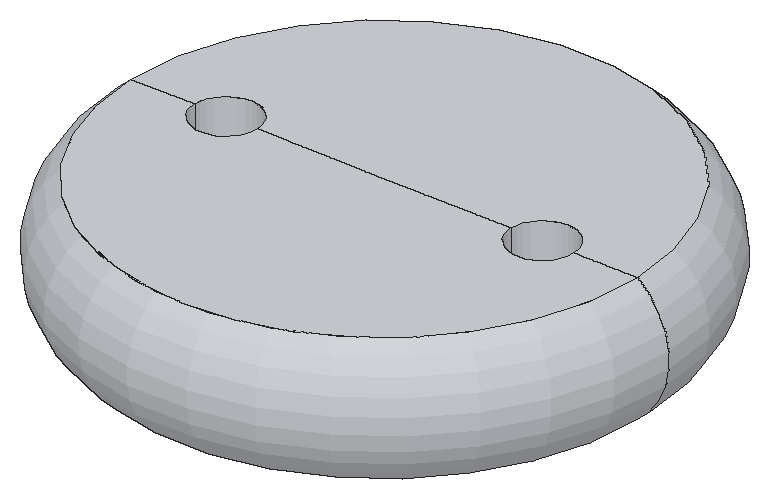
Revit family "f9b1235fb10a4791a841cc73ed45c341", category Lighting Devices, host Face, Revit 2021
Family settings
  Host = Face
  Maintain Annotation Orientation = Yes
  Round Connector Dimension = Use Diameter
  Part Type = Switch
  OmniClass Number = 23.85.80.11.27
  OmniClass Title = Lighting Controls
  Seek Item ID = Ceiling Occupancy Sensor - Regular Voltage-0000-USA-ENU
  Cut with Voids When Loaded = No
  Shared = No
  Room Calculation Point = No
Parameters (values of type "Ultrasonic - 277 V")
  Visibilty 2 = no
  Visibility 3 = yes
  Visibility 1 = no
  Sensor Voltage = 277 V
  Sensor Number of Poles = 1
  Load Classification = Other
  Lens Material = none
  Default Elevation = 4' - 0"
  Cover Radius = 0' - 2 1/4"
  Cover Material = none
  Cover Height = 0' - 1"
  Cover Diameter = Cover Radius * 2  # 0' - 4 1/2"
  Apparent Load = 0 VA
Types (7): name | Visibilty 2 | Visibility 3 | Visibility 1 | Sensor Voltage
  (no name) | no | yes | no | 277 V
  Passive Infrared - 120 V | yes | no | yes | 120 V
  Ultrasonic - 120 V | no | yes | no | 120 V
  Dual Technology - 120 V | yes | yes | no | 120 V
  Passive Infrared - 277 V | yes | no | yes | 277 V
  Ultrasonic - 277 V | no | yes | no | 277 V
  Dual Technology - 277 V | yes | yes | no | 277 V
Reference planes (in)
  plane 1 "Center (Front/Back)": y = 0
  plane 2: z = 0
  plane 3 "Center (Left/Right)": x = 0
  plane 4: x = 2.25
  plane 5: x = -2.25
  plane 6: x = -2
  plane 7: x = 2
  plane 8: z = 1
  plane 9: z = 0.5
  plane 10: x = 0.75
  plane 11: x = -1.25
  plane 12: x = 1.25
  plane 13: y = 2.25
  plane 14: y = -2.25
Forms (in)
  Revolve 1, solid, material <- "Cover Material", visible <- "Visibility 3"
    sketch origin (0, 0, 0) x (1, 0, 0) y (0, 0, 1)
      loop
        arc (-2, 1) -> (-2.25, 0.5) -> (-2, 0) r 0.625
        line (-2, 0) -> (0, 0) -> (0, 1) -> (-2, 1)
      axis (0, 1) -> (0, 0)
    angle from 0 to 360
  Revolve 2, solid, material <- "Lens Material", visible <- "Visibilty 2"
    sketch origin (0, 0, 0) x (1, 0, 0) y (0, 0, 1)
      loop
        line (0, 1) -> (0.75, 1)
        arc (0.75, 1) -> (0.39528, 1.18585) -> (0, 1.25) r 1.25
        line (0, 1.25) -> (0, 1)
      axis (0, 1.25) -> (0, 1)
    angle from 0 to 360
  Extrusion 3, void
    sketch origin (0, 0, 0) x (1, 0, 0) y (0, 1, 0)
      loop
        circle (-1.25, 0) r 0.25
    from 0.5 to 1
  Extrusion 4, void
    sketch origin (0, 0, 0) x (1, 0, 0) y (0, 1, 0)
      loop
        circle (1.25, 0) r 0.25
    from 0.5 to 1
  Revolve 5, solid, material <- "Cover Material", visible <- "Visibility 1"
    sketch origin (0, 0, 0) x (1, 0, 0) y (0, 0, 1)
      loop
        arc (-2, 1) -> (-2.25, 0.5) -> (-2, 0) r 0.625
        line (-2, 0) -> (0, 0) -> (0, 1) -> (-2, 1)
      axis (0, 1) -> (0, 0)
    angle from 0 to 360
Cuts and joins
  Extrusion 3, Extrusion 4 cuts Revolve 1
Lines and regions (in)
  symbolic lines, detail levels coarse+medium
    curve 1: line (-2.25, 0, 0) -> (0, 2.25, 0)
    curve 2: line (0, 2.25, 0) -> (2.25, 0, 0)
    curve 3: line (2.25, 0, 0) -> (0, -2.25, 0)
    curve 4: line (0, -2.25, 0) -> (-2.25, 0, 0)
  symbolic lines, detail levels fine
    curve 5: circle (0, 0, 0) r 2.25 normal (0, 0, 1)
    curve 6: circle (0, 0, 0) r 2 normal (0, 0, 1)
  symbolic lines, visible <- "Visibilty 2", detail levels fine
    curve 7: circle (0, 0, 0) r 0.75 normal (0, 0, 1)
  symbolic lines, visible <- "Visibility 3", detail levels fine
    curve 8: circle (1.25, 0, 0) r 0.25 normal (0, 0, 1)
    curve 9: circle (-1.25, 0, 0) r 0.25 normal (0, 0, 1)
Dimensions and locks (in)
  equal spacing: plane 5, plane 3 "Center (Left/Right)", plane 4
  "Cover Diameter": plane 5 to plane 4
  plane 7 to plane 3 "Center (Left/Right)" to plane 6 = 0' - 2" locked, 0' - 2" locked
  locked: plane 10 to plane 3 "Center (Left/Right)" at 0.75
  plane 11 to plane 3 "Center (Left/Right)" to plane 12 = 0' - 1 1/4" locked, 0' - 1 1/4" locked
  equal spacing: plane 14, plane 1 "Center (Front/Back)", plane 13
  "Cover Diameter": plane 14 to plane 13
  equal spacing: plane 8, plane 9, plane 2
  "Cover Height": plane 8 to plane 2
  radius of Extrusion 3 sketch curve = 0' - 0 1/4"
  radius of Extrusion 4 sketch curve = 0' - 0 1/4"
  "Cover Radius": radius of curve 5
  radius of curve 6 = 0' - 2"
  radius of curve 7 = 0' - 0 3/4"
  radius of curve 8 = 0' - 0 1/4"
  radius of curve 9 = 0' - 0 1/4"
  aligned and locked: plane 2 to host face
  aligned and locked: level to host face
  aligned and locked: Revolve 1 sketch curve to plane 8
  aligned and locked: host face to Revolve 1 sketch curve  (x2)
  aligned and locked: Revolve 1 sketch curve to plane 3 "Center (Left/Right)"  (x2)
  aligned and locked: plane 6 to Revolve 1 sketch curve  (x2)
  aligned and locked: plane 8 to Revolve 1 sketch curve
  aligned and locked: Revolve 2 sketch curve to plane 8
  aligned and locked: plane 10 to Revolve 2 sketch curve
  aligned and locked: plane 3 "Center (Left/Right)" to Revolve 2 sketch curve
  aligned and locked: Revolve 2 sketch curve to plane 3 "Center (Left/Right)"
  aligned and locked: plane 8 to Revolve 2 sketch curve
  aligned and locked: plane 1 "Center (Front/Back)" to Extrusion 3 sketch curve
  aligned and locked: plane 11 to Extrusion 3 sketch curve
  aligned and locked: plane 1 "Center (Front/Back)" to Extrusion 4 sketch curve
  aligned and locked: plane 12 to Extrusion 4 sketch curve
  aligned and locked: plane 8 to cut or joined group of Revolve 1, Extrusion 3, Extrusion 4
  aligned and locked: plane 8 to Extrusion 3
  aligned and locked: Extrusion 3 to plane 9
  aligned and locked: plane 8 to Extrusion 4
  aligned and locked: Extrusion 4 to plane 9
  aligned and locked: Revolve 5 sketch curve to plane 8
  aligned and locked: plane 2 to Revolve 5 sketch curve  (x2)
  aligned and locked: Revolve 5 sketch curve to plane 3 "Center (Left/Right)"  (x2)
  aligned and locked: plane 6 to Revolve 5 sketch curve  (x2)
  aligned and locked: plane 8 to Revolve 5 sketch curve
  aligned and locked: plane 1 "Center (Front/Back)" to nested 1
  aligned and locked: plane 3 "Center (Left/Right)" to nested 1
  aligned and locked: plane 1 "Center (Front/Back)" to curve 5
  aligned and locked: plane 3 "Center (Left/Right)" to curve 5
  aligned and locked: plane 1 "Center (Front/Back)" to curve 6
  aligned and locked: plane 3 "Center (Left/Right)" to curve 6
  aligned and locked: plane 1 "Center (Front/Back)" to curve 7
  aligned and locked: plane 3 "Center (Left/Right)" to curve 7
  aligned and locked: plane 1 "Center (Front/Back)" to curve 8
  aligned and locked: plane 1 "Center (Front/Back)" to curve 9
  aligned and locked: plane 12 to curve 8
  aligned and locked: plane 11 to curve 9
Automatic sketch dimensions
  host sketch curve to host sketch curve = 8' - 0"  (x2)
  plane 6 to Revolve 1 sketch curve = 0' - 0 3/8"
  Revolve 2 sketch curve to level = 0' - 0"
  Revolve 2 sketch curve to Revolve 2 sketch curve = 0' - 0"
  plane 6 to Revolve 5 sketch curve = 0' - 0 3/8"
  curve 3 to plane 3 "Center (Left/Right)" = 0' - 0"
  curve 2 to plane 1 "Center (Front/Back)" = 0' - 0"
Nested families (in)
  nested 1: "Label Annotation 3-32" at (0, 0, 0), type "Label Annotation 3-32", detail levels coarse+medium
Connectors (in)
  electrical at (0, 0, 0), driven by "Apparent Load", driven by "Sensor Voltage", driven by "Sensor Number of Poles", driven by "Load Classification"
    settings: on Revolve 5, index 1, voltage 277 V, apparent load 0 VA, apparent load phase1 0 VA, apparent load phase2 0 VA, apparent load phase3 0 VA, power factor 1, load classification "Other", number of poles 1, system type 31, power factor state 1, is connector primary yes, connector utility no, sub classification motor no, connector description ""
  electrical at (0, 0, 1)
    settings: on Revolve 2, index 2, voltage 0 V, apparent load 0 VA, apparent load phase1 0 VA, apparent load phase2 0 VA, apparent load phase3 0 VA, power factor 1, load classification "Other", number of poles 1, system type 13, power factor state 1, is connector primary no, connector utility no, sub classification motor no, connector description ""
Definition of nested family "Label Annotation 3-32"
  Parameters
    Label = ""
  Reference planes (in)
    plane 1: y = 0
    plane 2: x = 0
  Text (in)
    label "Label" at (0.00375, -0.00345, 0), shows "Label"
